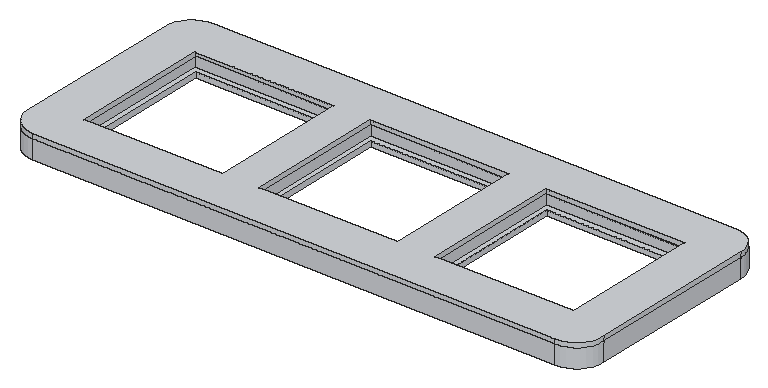
Revit family "Gira_0213427", category Electrical Fixtures, host Face, Revit 2017
Family settings
  Host = Face
  Maintain Annotation Orientation = No
  Round Connector Dimension = Use Diameter
  Part Type = Normal
  Cut with Voids When Loaded = No
  Shared = No
  Room Calculation Point = No
Parameters (values of type "Cov.fr. 3-g Gira E3 sand/anthra.")
  URL = "http://katalog.gira.de/en/datenblatt.html?artikelnr=0213427"
  Transparent = "No"
  Name = "Cov.fr. 3-g Gira E3 sand/anthra."
  Manufacturer URL = "https://www.gira.de/"
  Manufacturer = "Gira"
  Keynote = ""
  HeinzeBIM = "https://bimportal.heinze.de/bim/cov-fr-3-g-gira-e3-sand-anthra-/f758a62bc16b71d3eaad61acdec41bb8f9858acb"
  HAN = "0213427"
  GTIN = "4010337024590"
  Description = "Cov.fr.3g E3 SdAn,Gira E3 cover frame,sand soft touch with anthracite intermediate frame,3-gang,Features:,- Shatter-proof.,,Notes :,- NCS value: approx. NCS S 2005-Y20R"
  Default Elevation = 1219.2 mm
  Data sheet (1) = "https://katalog.gira.de/en/download.html?artikelnr=0213427"
  Category = "Cover frame for domestic switching devices"
  BIM (1) = "https://media.stage.bim.site/public/gira/36a6b08/E3_Rahmen_3fach.rfa"
  Available = "No"
Reference planes
  plane 1 "Center (Front/Back)": y = 0
  plane 2: z = 0
  plane 3 "Center (Left/Right)": x = 0
Forms (mm)
  Extrusion 1, solid, detail levels fine
    sketch origin (0, 0, 0) x (1, 0, 0) y (0, 1, 0)
      loop
        arc (-106.1, 45.809) -> (-113.884, 42.585) -> (-117.109, 34.8) r 11.009
        line (-117.109, 34.8) -> (-117.109, -34.8)
        arc (-117.109, -34.8) -> (-113.884, -42.585) -> (-106.1, -45.809) r 11.009
        line (-106.1, -45.809) -> (106.1, -45.809)
        arc (106.1, -45.809) -> (113.884, -42.585) -> (117.109, -34.8) r 11.009
        line (117.109, -34.8) -> (117.109, 34.8)
        arc (117.109, 34.8) -> (113.884, 42.585) -> (106.1, 45.809) r 11.009
        line (106.1, 45.809) -> (-106.1, 45.809)
      loop
        line (-43.2, 28.187) -> (-99.456, 28.187) -> (-99.456, -28.187) -> (-43.2, -28.187) -> (-43.2, 28.187)
      loop
        line (-28.3, 28.187) -> (-28.3, -28.187) -> (27.956, -28.187) -> (27.956, 28.187) -> (-28.3, 28.187)
      loop
        line (43.2, 28.187) -> (43.2, -28.187) -> (99.456, -28.187) -> (99.456, 28.187) -> (43.2, 28.187)
    from 7.65 to 9.5
  Extrusion 2, solid, detail levels fine
    sketch origin (-71.5, 0, 0) x (1, 0, 0) y (0, 1, 0)
      loop
        line (26.1, 25.7) -> (-25.7, 25.7) -> (-25.7, -25.7) -> (26.1, -25.7) -> (26.1, 25.7)
      loop
        line (-28.187, -28.156) -> (28.187, -28.156) -> (28.187, 28.156) -> (-28.187, 28.156) -> (-28.187, -28.156)
    from 1.65 to 3.9
  Extrusion 3, solid, detail levels fine
    sketch origin (0, 0, 0) x (1, 0, 0) y (0, 1, 0)
      loop
        arc (-106.1, 45.809) -> (-113.884, 42.585) -> (-117.109, 34.8) r 11.009
        line (-117.109, 34.8) -> (-117.109, -34.8)
        arc (-117.109, -34.8) -> (-113.884, -42.585) -> (-106.1, -45.809) r 11.009
        line (-106.1, -45.809) -> (106.1, -45.809)
        arc (106.1, -45.809) -> (113.884, -42.585) -> (117.109, -34.8) r 11.009
        line (117.109, -34.8) -> (117.109, 34.8)
        arc (117.109, 34.8) -> (113.884, 42.585) -> (106.1, 45.809) r 11.009
        line (106.1, 45.809) -> (-106.1, 45.809)
      loop
        line (-115.143, 34.785) -> (-115.143, -34.785)
        arc (-115.143, -34.785) -> (-112.49, -41.19) -> (-106.084, -43.843) r 9.058
        line (-106.084, -43.843) -> (106.084, -43.843)
        arc (106.084, -43.843) -> (112.49, -41.19) -> (115.143, -34.785) r 9.058
        line (115.143, -34.785) -> (115.143, 34.785)
        arc (115.143, 34.785) -> (112.49, 41.19) -> (106.084, 43.843) r 9.058
        line (106.084, 43.843) -> (-106.084, 43.843)
        arc (-106.084, 43.843) -> (-112.49, 41.19) -> (-115.143, 34.785) r 9.058
    from 0 to 7.65
  Extrusion 4, solid, detail levels fine
    sketch origin (-35.75, 0, 0) x (1, 0, 0) y (0, 1, 0)
      loop
        line (-62.956, -31.075) -> (62.956, -31.075)
        arc (62.956, -31.075) -> (65.599, -29.98) -> (66.694, -27.337) r 3.739
        line (66.694, -27.337) -> (66.694, 27.337)
        arc (66.694, 27.337) -> (65.599, 29.98) -> (62.956, 31.075) r 3.739
        line (62.956, 31.075) -> (-62.956, 31.075)
        arc (-62.956, 31.075) -> (-65.599, 29.98) -> (-66.694, 27.337) r 3.739
        line (-66.694, 27.337) -> (-66.694, -27.337)
        arc (-66.694, -27.337) -> (-65.599, -29.98) -> (-62.956, -31.075) r 3.739
      loop
        line (-65.544, 27.537) -> (-65.544, -27.537)
        arc (-65.544, -27.537) -> (-64.845, -29.226) -> (-63.156, -29.925) r 2.389
        line (-63.156, -29.925) -> (63.156, -29.925)
        arc (63.156, -29.925) -> (64.845, -29.226) -> (65.544, -27.537) r 2.389
        line (65.544, -27.537) -> (65.544, 27.537)
        arc (65.544, 27.537) -> (64.845, 29.226) -> (63.156, 29.925) r 2.389
        line (63.156, 29.925) -> (-63.156, 29.925)
        arc (-63.156, 29.925) -> (-64.845, 29.226) -> (-65.544, 27.537) r 2.389
    from 1.65 to 7.65
  Extrusion 5, solid, detail levels fine
    sketch origin (0, 0, 0) x (1, 0, 0) y (0, 1, 0)
      loop
        line (-103.367, -39.8) -> (103.368, -39.8)
        arc (103.368, -39.8) -> (108.982, -36.708) -> (111.215, -30.7) r 9.2
        line (111.215, -30.7) -> (111.215, 30.7)
        arc (111.215, 30.7) -> (108.52, 37.205) -> (102.015, 39.9) r 9.2
        line (102.015, 39.9) -> (-102.014, 39.9)
        arc (-102.014, 39.9) -> (-108.52, 37.205) -> (-111.214, 30.7) r 9.2
        line (-111.214, 30.7) -> (-111.214, -30.7)
        arc (-111.214, -30.7) -> (-108.982, -36.708) -> (-103.367, -39.8) r 9.2
      loop
        line (-102.014, -31.7) -> (102.015, -31.7)
        arc (102.015, -31.7) -> (102.722, -31.407) -> (103.015, -30.7) r 1
        line (103.015, -30.7) -> (103.015, 30.7)
        arc (103.015, 30.7) -> (102.722, 31.407) -> (102.015, 31.7) r 1
        line (102.015, 31.7) -> (-102.014, 31.7)
        arc (-102.014, 31.7) -> (-102.721, 31.407) -> (-103.014, 30.7) r 1
        line (-103.014, 30.7) -> (-103.014, -30.7)
        arc (-103.014, -30.7) -> (-102.721, -31.407) -> (-102.014, -31.7) r 1
    from 1.65 to 3.9
  Extrusion 6, solid, detail levels fine
    sketch origin (-71.5, 0, 0) x (1, 0, 0) y (0, 1, 0)
      loop
        line (-28.187, 28.156) -> (-28.187, -28.156) -> (28.187, -28.156) -> (28.187, 28.156) -> (-28.187, 28.156)
      loop
        line (-29.925, 29.925) -> (-29.925, -29.925) -> (29.925, -29.925) -> (29.925, 29.925) -> (-29.925, 29.925)
    from 1.65 to 7.65
  Extrusion 7, solid, detail levels coarse+medium
    sketch origin (0, 0, 0) x (1, 0, 0) y (0, 1, 0)
      loop
        line (-117.109, 45.809) -> (-117.109, -45.809) -> (117.109, -45.809) -> (117.109, 45.809) -> (-117.109, 45.809)
    from 0 to 9.5
  Extrusion 8, solid, detail levels fine
    sketch origin (0, 0, 0) x (-1, 0, 0) y (0, -1, 0)
      loop
        line (25.9, -25.7) -> (25.9, 25.7) -> (-25.9, 25.7) -> (-25.9, -25.7) -> (25.9, -25.7)
      loop
        line (-28.187, 28.156) -> (-28.187, -28.156) -> (28.187, -28.156) -> (28.187, 28.156) -> (-28.187, 28.156)
    from 1.65 to 3.9
  Extrusion 9, solid, detail levels fine
    sketch origin (0, 0, 0) x (-1, 0, 0) y (0, -1, 0)
      loop
        line (-28.187, -28.156) -> (28.187, -28.156) -> (28.187, 28.156) -> (-28.187, 28.156) -> (-28.187, -28.156)
      loop
        line (-29.925, -29.925) -> (29.925, -29.925) -> (29.925, 29.925) -> (-29.925, 29.925) -> (-29.925, -29.925)
    from 1.65 to 7.65
  Extrusion 10, solid, detail levels fine
    sketch origin (71.5, 0, 0) x (-1, 0, 0) y (0, -1, 0)
      loop
        line (26.1, -25.7) -> (26.1, 25.7) -> (-25.7, 25.7) -> (-25.7, -25.7) -> (26.1, -25.7)
      loop
        line (-28.187, 28.156) -> (-28.187, -28.156) -> (28.187, -28.156) -> (28.187, 28.156) -> (-28.187, 28.156)
    from 1.65 to 3.9
  Extrusion 11, solid, detail levels fine
    sketch origin (71.5, 0, 0) x (-1, 0, 0) y (0, -1, 0)
      loop
        line (-28.187, -28.156) -> (28.187, -28.156) -> (28.187, 28.156) -> (-28.187, 28.156) -> (-28.187, -28.156)
      loop
        line (-29.925, -29.925) -> (29.925, -29.925) -> (29.925, 29.925) -> (-29.925, 29.925) -> (-29.925, -29.925)
    from 1.65 to 7.65
Dimensions and locks
  aligned and locked: plane 2 to host face
  aligned and locked: level to host face
